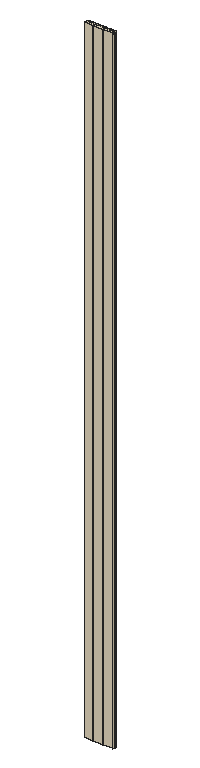
Revit family "HOB_GEN_Symphony_Opera_1", category Generic Models, Revit 2026
Family settings
  Can host rebar = No
  Round Connector Dimension = Use Diameter
  Part Type = Normal
  Work Plane-Based = No
  Always vertical = Yes
  Cut with Voids When Loaded = No
  Maintain Annotation Orientation = No
  Shared = Yes
  Room Calculation Point = No
Parameters
  URL = "https://houseofbamboo.com.au/"
  SectionArea = 0.002 m²  # constant formula
  Model = "Opera 1"
  Material = Bamboo_horizontalGrain
  Manufacturer = "House Of Bamboo"
  Length [instance] = 2900 mm
  Description = "128 mm x 18 mm x 2000/2900 mm"
  Default Elevation = 0 mm
  BambooVolume [instance] = 0.002 m² * Length  # 0.0058 m³
Reference planes
  plane 1 "Center (Front/Back)": y = 0
  plane 2: z = 0
  plane 3 "Center (Left/Right)": x = 0
  plane 4: x = 133
  plane 5: y = 18
  plane 6: z = 2900
Forms (mm)
  Extrusion 1, solid, material "Bamboo_horizontalGrain" <- "Material"
    sketch origin (0, 0, 0) x (1, 0, 0) y (0, 1, 0)
      loop
        line (5.773, 5.992) -> (0.5, 5.992)
        arc (0.5, 5.992) -> (0.146, 5.846) -> (0, 5.492) r 0.5
        line (0, 5.492) -> (0, 0.5)
        arc (0, 0.5) -> (0.146, 0.146) -> (0.5, 0) r 0.5
        line (0.5, 0) -> (38.476, 0) -> (38.476, 5) -> (41.476, 5) -> (41.476, 0) -> (82.504, 0) -> (82.504, 5) -> (85.504, 5) -> (85.504, 0) -> (127.5, 0)
        arc (127.5, 0) -> (127.854, 0.146) -> (128, 0.5) r 0.5
        line (128, 0.5) -> (128, 7) -> (132.5, 7)
        arc (132.5, 7) -> (132.854, 7.146) -> (133, 7.5) r 0.5
        line (133, 7.5) -> (133, 11.5)
        arc (133, 11.5) -> (132.854, 11.854) -> (132.5, 12) r 0.5
        line (132.5, 12) -> (125.028, 12) -> (125.028, 18) -> (120.028, 18) -> (120.028, 15) -> (117.028, 15) -> (117.028, 18) -> (112.028, 18) -> (112.028, 15) -> (109.028, 15) -> (109.028, 18) -> (104.028, 18) -> (104.028, 15) -> (101.028, 15) -> (101.028, 18) -> (96.028, 18) -> (96.028, 15) -> (93.028, 15) -> (93.028, 18) -> (88.028, 18) -> (88.028, 15) -> (85.028, 15) -> (85.028, 18) -> (80.028, 18) -> (80.028, 15) -> (77.028, 15) -> (77.028, 18) -> (72.028, 18) -> (72.028, 15) -> (69.028, 15) -> (69.028, 18) -> (64.028, 18) -> (64.028, 15) -> (61.028, 15) -> (61.028, 18) -> (56.028, 18) -> (56.028, 15) -> (53.028, 15) -> (53.028, 18) -> (48.028, 18) -> (48.028, 15) -> (45.028, 15) -> (45.028, 18) -> (40.028, 18) -> (40.028, 15) -> (37.028, 15) -> (37.028, 18) -> (32.028, 18) -> (32.028, 15) -> (29.028, 15) -> (29.028, 18) -> (24.028, 18) -> (24.028, 15) -> (21.028, 15) -> (21.028, 18) -> (16.028, 18) -> (16.028, 15) -> (13.028, 15) -> (13.028, 18) -> (8.028, 18) -> (8.028, 15) -> (5.028, 15) -> (5.028, 18) -> (0.5, 18)
        arc (0.5, 18) -> (0.146, 17.854) -> (0, 17.5) r 0.5
        line (0, 17.5) -> (0, 11.992)
        arc (0, 11.992) -> (0.146, 11.639) -> (0.5, 11.492) r 0.5
        line (0.5, 11.492) -> (5.773, 11.492) -> (5.773, 5.992)
    from 0 to 2900
Dimensions and locks
  plane 3 "Center (Left/Right)" to plane 4 = 133 mm
  plane 5 to plane 1 "Center (Front/Back)" = 18 mm
  "Length": plane 6 to plane 2
  aligned and locked: level to plane 2
  aligned and locked: plane 6 to Extrusion 1
  aligned and locked: Extrusion 1 to level
Automatic sketch dimensions
  plane 3 "Center (Left/Right)" to Extrusion 1 sketch curve = 0.5 mm  (x4)
  plane 1 "Center (Front/Back)" to Extrusion 1 sketch curve = 0 mm  (x3)
  Extrusion 1 sketch curve to plane 5 = 0 mm  (x16)
  Extrusion 1 sketch curve to plane 3 "Center (Left/Right)" = 0 mm
  Extrusion 1 sketch curve to plane 1 "Center (Front/Back)" = 0.5 mm  (x2)
  plane 3 "Center (Left/Right)" to Extrusion 1 sketch curve = 5.028 mm
  Extrusion 1 sketch curve to Extrusion 1 sketch curve = 3 mm  (x17)
  Extrusion 1 sketch curve to Extrusion 1 sketch curve = 5 mm  (x15)
  Extrusion 1 sketch curve to Extrusion 1 sketch curve = 1.448 mm
  Extrusion 1 sketch curve to plane 1 "Center (Front/Back)" = 5 mm  (x2)
  Extrusion 1 sketch curve to Extrusion 1 sketch curve = 2.475 mm
  Extrusion 1 sketch curve to Extrusion 1 sketch curve = 2.472 mm
  Extrusion 1 sketch curve to Extrusion 1 sketch curve = 4.5 mm
  Extrusion 1 sketch curve to Extrusion 1 sketch curve = 0 mm
  Extrusion 1 sketch curve to Extrusion 1 sketch curve = 0.5 mm
  Extrusion 1 sketch curve to Extrusion 1 sketch curve = 4.992 mm
  Extrusion 1 sketch curve to Extrusion 1 sketch curve = 6.5 mm
  Extrusion 1 sketch curve to Extrusion 1 sketch curve = 5.5 mm
  Extrusion 1 sketch curve to Extrusion 1 sketch curve = 4 mm
  Extrusion 1 sketch curve to plane 5 = 3 mm  (x15)
  Extrusion 1 sketch curve to Extrusion 1 sketch curve = 0.744 mm
